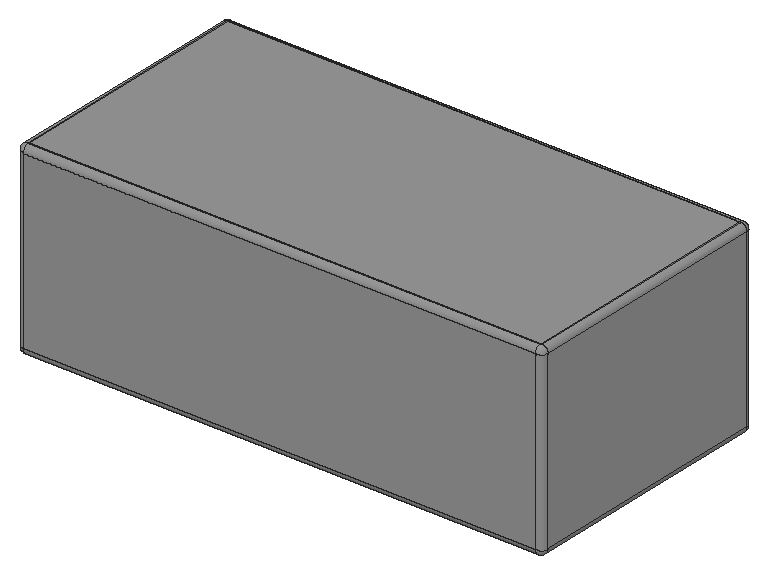
Revit family "BM.SW.B.422115 Schoolworks Bench Medium", category Generic Models, Revit 2018
Family settings
  Can host rebar = No
  Round Connector Dimension = Use Diameter
  Part Type = Normal
  Work Plane-Based = No
  Always vertical = Yes
  Cut with Voids When Loaded = No
  Shared = No
  Room Calculation Point = No
Parameters
  Fabric = BM.SW.B.422115 Schoolworks Medium Fabric
Reference planes (in)
  plane 1 "Center (Front/Back)": y = 0
  plane 2: z = 0
  plane 3 "Center (Left/Right)": x = 0
Forms (in)
  Extrusion 1, solid, material "BM.SW.B.422115 Schoolworks Medium Fabric" <- "Fabric"
    sketch origin (0, 0, 0) x (1, 0, 0) y (0, 1, 0)
      loop
        line (20.27165, 9.875) -> (-20.27165, 9.875)
        arc (-20.27165, 9.875) -> (-20.30054, 9.86304) -> (-20.3125, 9.83415) r 0.04085
        line (-20.3125, 9.83415) -> (-20.3125, -9.83415)
        arc (-20.3125, -9.83415) -> (-20.30054, -9.86304) -> (-20.27165, -9.875) r 0.04085
        line (-20.27165, -9.875) -> (20.27165, -9.875)
        arc (20.27165, -9.875) -> (20.30054, -9.86304) -> (20.3125, -9.83415) r 0.04085
        line (20.3125, -9.83415) -> (20.3125, 9.83415)
        arc (20.3125, 9.83415) -> (20.30054, 9.86304) -> (20.27165, 9.875) r 0.04085
    from 0.125 to 15
  Extrusion 2, solid
    sketch origin (0, 0, 0) x (1, 0, 0) y (0, 1, 0)
      loop
        circle (18.80998, 8.37247) r 0.5
      loop
        circle (-18.80998, 8.37247) r 0.5
      loop
        circle (18.80998, -8.37247) r 0.5
      loop
        circle (-18.80998, -8.37247) r 0.5
    from 0 to 0.125
  Sweep 3, solid, material "BM.SW.B.422115 Schoolworks Medium Fabric" <- "Fabric"
    path origin (0, 0, 0) x (1, 0, 0) y (0, 1, 0)
      loop
        line (20.27165, 9.875) -> (-20.27165, 9.875)
        arc (-20.27165, 9.875) -> (-20.30054, 9.86304) -> (-20.3125, 9.83415) r 0.04085
        line (-20.3125, 9.83415) -> (-20.3125, -9.83415)
        arc (-20.3125, -9.83415) -> (-20.30054, -9.86304) -> (-20.27165, -9.875) r 0.04085
        line (-20.27165, -9.875) -> (20.27165, -9.875)
        arc (20.27165, -9.875) -> (20.30054, -9.86304) -> (20.3125, -9.83415) r 0.04085
        line (20.3125, -9.83415) -> (20.3125, 9.83415)
        arc (20.3125, 9.83415) -> (20.30054, 9.86304) -> (20.27165, 9.875) r 0.04085
    profile origin (0, 9.875, 0) x (0, -1, 0) y (0, 0, 1)
      loop
        line (0, 0.125) -> (0, 15)
        arc (0, 15) -> (-0.35355, 14.85355) -> (-0.5, 14.5) r 0.5
        line (-0.5, 14.5) -> (-0.5, 0.625)
        arc (-0.5, 0.625) -> (-0.35355, 0.27145) -> (0, 0.125) r 0.5
Dimensions and locks (in)
  aligned and locked: plane 2 to level
